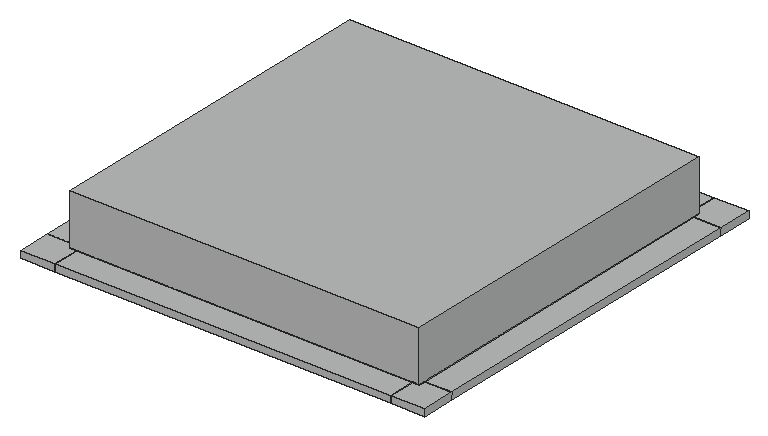
Revit family "ALUMOGIPS", category Осветительные приборы, Revit 2019 (continued)
Types (72, lengths in mm): name | Файл фотометрической сетки | built-in parameter 1150105 | Lumens | built-in parameter 1150106 | built-in parameter 1150142 | Wattage | Emit from Rectangle Width | Emit from Rectangle Length | Длина | Материал светильника | Ширина | ADSK_Ток | ADSK_Полная мощность | ADSK_Обозначение | ADSK_Номинальная мощность | ADSK_Наименование | ADSK_Масса | ADSK_Код изделия
  Alumogips-38/opal-sand 595х595 (IP40, 4000К, серый) c БАП на 1 час | "Светильник ALUMOGIPS-38 OPAL-SAND-(595x595).IES" | 302.39 (stored number, unit not read) | 3800 lm | 3.0239 (stored number, unit not read) | "IESNA:LM-63-95\r\n[TEST] Протокол № 50-12 \r\n[DATA] 20.06.2016\r\n[MORE] \r\n[MANUFAC] ЗАО \"Центрстройсвет\"\r\n[LUMCAT]  Светильник ALUMOGIPS-38/OPAL-SAND-(595x595)\r\n[LUMINAIRE]\r\n[LAMPCAT] Светодиоды\r\n[LAMP] Поток источника света (светодиодов) не известен\r\n[MORE] КСС приведена в абсолютных величинах кд\r\n[MORE] Вместо потока лампы, указан поток светильника.\r\nTILT=NONE\r\n1    3750 1.0 37 73 1 2 0.595 0.595 0.04\r\n1.0 1.0 38.7\r\n0.0 5.0 10.0 15.0 20.0 25.0 30.0 35.0 40.0 45.0 50.0 55.0 60.0 65.0 70.0 75.0 80.0 85.0 90.0 95.0 100.0 105.0 110.0 115.0 120.0 125.0 130.0 135.0 140.0 145.0 150.0 155.0 160.0 165.0 170.0 175.0 180.0\r\n0.0 5.0 10.0 15.0 20.0 25.0 30.0 35.0 40.0 45.0 50.0 55.0 60.0 65.0 70.0 75.0 80.0 85.0 90.0 95.0 100.0 105.0 110.0 115.0 120.0 125.0 130.0 135.0 140.0 145.0 150.0 155.0 160.0 165.0 170.0 175.0 180.0 185.0 190.0 195.0 200.0 205.0 210.0 215.0 220.0 225.0 230.0 235.0 240.0 245.0 250.0 255.0 260.0 265.0 270.0 275.0 280.0 285.0 290.0 295.0 300.0 305.0 310.0 315.0 320.0 325.0 330.0 335.0 340.0 345.0 350.0 355.0 360.0\r\n1391.4 1390.6 1365.7 1330.6 1277.5 1214.9 1147.5 1059.6 967.6 873.2 772.4 664.9 556.3 449.1 342.7 240.6 147.1 64.2 4.7 0.0 0.0 0.0 0.0 0.0 0.0 0.0 0.0 0.0 0.0 0.0 0.0 0.0 0.0 0.0 0.0 0.0 0.0\r\n1391.4 1390.5 1367.8 1332.7 1284.3 1221.3 1147.0 1062.1 969.2 872.4 773.2 666.3 557.1 450.1 343.8 241.9 146.9 64.7 5.2 0.0 0.0 0.0 0.0 0.0 0.0 0.0 0.0 0.0 0.0 0.0 0.0 0.0 0.0 0.0 0.0 0.0 0.0\r\n1391.4 1390.2 1372.0 1333.3 1277.3 1216.8 1144.5 1057.4 969.6 875.1 773.8 669.5 560.0 454.6 345.8 242.4 148.5 65.8 5.4 0.0 0.0 0.0 0.0 0.0 0.0 0.0 0.0 0.0 0.0 0.0 0.0 0.0 0.0 0.0 0.0 0.0 0.0\r\n1391.4 1389.8 1371.2 1330.7 1279.5 1220.5 1148.3 1059.9 967.7 873.2 767.5 666.8 561.4 453.0 347.1 243.7 149.9 65.6 5.8 0.0 0.0 0.0 0.0 0.0 0.0 0.0 0.0 0.0 0.0 0.0 0.0 0.0 0.0 0.0 0.0 0.0 0.0\r\n1391.4 1389.8 1368.3 1329.3 1285.0 1214.6 1141.1 1058.7 971.8 871.3 775.2 666.9 559.4 452.6 345.8 242.5 150.0 65.8 6.1 0.0 0.0 0.0 0.0 0.0 0.0 0.0 0.0 0.0 0.0 0.0 0.0 0.0 0.0 0.0 0.0 0.0 0.0\r\n1391.4 1390.5 1367.3 1332.3 1281.7 1219.0 1142.8 1064.6 970.5 874.4 772.1 667.5 560.2 453.0 346.2 241.8 149.4 65.7 5.6 0.0 0.0 0.0 0.0 0.0 0.0 0.0 0.0 0.0 0.0 0.0 0.0 0.0 0.0 0.0 0.0 0.0 0.0\r\n1391.4 1391.4 1368.1 1333.5 1277.3 1215.7 1139.0 1059.6 968.1 872.4 771.6 667.4 558.8 453.3 344.3 243.9 148.4 65.7 5.4 0.0 0.0 0.0 0.0 0.0 0.0 0.0 0.0 0.0 0.0 0.0 0.0 0.0 0.0 0.0 0.0 0.0 0.0\r\n1391.4 1391.7 1368.1 1330.4 1278.2 1213.9 1142.4 1061.6 967.4 875.1 772.0 669.3 561.1 452.5 345.2 242.1 148.3 65.4 5.5 0.0 0.0 0.0 0.0 0.0 0.0 0.0 0.0 0.0 0.0 0.0 0.0 0.0 0.0 0.0 0.0 0.0 0.0\r\n1391.4 1391.5 1371.0 1328.4 1278.5 1216.7 1142.1 1061.2 971.8 874.7 772.1 668.9 560.8 452.9 345.4 243.3 147.7 66.0 5.4 0.0 0.0 0.0 0.0 0.0 0.0 0.0 0.0 0.0 0.0 0.0 0.0 0.0 0.0 0.0 0.0 0.0 0.0\r\n1391.4 1391.5 1373.2 1330.5 1277.3 1215.5 1143.2 1063.6 967.0 872.7 772.2 669.4 558.9 453.2 346.6 241.9 148.1 65.2 5.5 0.0 0.0 0.0 0.0 0.0 0.0 0.0 0.0 0.0 0.0 0.0 0.0 0.0 0.0 0.0 0.0 0.0 0.0\r\n1391.4 1391.4 1369.7 1328.3 1281.3 1216.0 1139.8 1057.9 968.7 875.3 773.9 667.6 561.8 454.0 344.0 243.1 147.2 65.6 5.5 0.0 0.0 0.0 0.0 0.0 0.0 0.0 0.0 0.0 0.0 0.0 0.0 0.0 0.0 0.0 0.0 0.0 0.0\r\n1391.4 1390.5 1367.9 1330.1 1278.1 1218.1 1138.9 1061.0 970.0 871.8 770.4 669.3 560.2 453.4 346.9 242.1 148.3 65.2 5.2 0.0 0.0 0.0 0.0 0.0 0.0 0.0 0.0 0.0 0.0 0.0 0.0 0.0 0.0 0.0 0.0 0.0 0.0\r\n1391.4 1389.3 1368.2 1329.1 1280.8 1214.4 1142.5 1059.2 967.2 874.3 772.4 668.0 563.1 452.3 345.7 242.8 146.8 64.9 5.1 0.0 0.0 0.0 0.0 0.0 0.0 0.0 0.0 0.0 0.0 0.0 0.0 0.0 0.0 0.0 0.0 0.0 0.0\r\n1391.4 1388.6 1367.4 1327.8 1278.0 1215.7 1141.0 1061.0 971.5 877.3 771.2 667.3 561.5 453.0 346.4 242.4 146.3 64.8 5.2 0.0 0.0 0.0 0.0 0.0 0.0 0.0 0.0 0.0 0.0 0.0 0.0 0.0 0.0 0.0 0.0 0.0 0.0\r\n1391.4 1388.0 1367.6 1326.7 1278.3 1218.0 1140.9 1061.5 968.4 873.4 770.1 666.6 562.1 454.6 344.8 241.8 146.4 64.0 5.5 0.0 0.0 0.0 0.0 0.0 0.0 0.0 0.0 0.0 0.0 0.0 0.0 0.0 0.0 0.0 0.0 0.0 0.0\r\n1391.4 1387.2 1366.1 1331.0 1281.4 1216.3 1142.7 1059.1 969.4 871.5 772.2 667.3 560.5 453.0 344.4 242.2 146.4 63.8 5.6 0.0 0.0 0.0 0.0 0.0 0.0 0.0 0.0 0.0 0.0 0.0 0.0 0.0 0.0 0.0 0.0 0.0 0.0\r\n1391.4 1387.1 1366.3 1328.7 1276.9 1214.5 1141.2 1059.3 968.4 874.3 775.5 668.3 562.5 454.9 346.4 241.3 146.2 63.5 5.7 0.0 0.0 0.0 0.0 0.0 0.0 0.0 0.0 0.0 0.0 0.0 0.0 0.0 0.0 0.0 0.0 0.0 0.0\r\n1391.4 1388.4 1366.0 1329.7 1279.2 1217.9 1140.0 1060.5 969.0 873.9 772.0 671.3 560.4 453.2 343.7 241.7 145.8 63.7 5.4 0.0 0.0 0.0 0.0 0.0 0.0 0.0 0.0 0.0 0.0 0.0 0.0 0.0 0.0 0.0 0.0 0.0 0.0\r\n1391.4 1389.6 1367.7 1329.3 1277.2 1211.1 1140.1 1061.0 971.0 871.2 769.2 669.1 561.5 453.1 343.3 241.9 145.8 63.4 5.2 0.0 0.0 0.0 0.0 0.0 0.0 0.0 0.0 0.0 0.0 0.0 0.0 0.0 0.0 0.0 0.0 0.0 0.0\r\n1391.4 1388.8 1366.9 1327.1 1279.4 1214.2 1142.5 1056.4 970.7 870.3 771.0 665.1 560.4 453.3 343.8 241.1 145.7 63.4 5.2 0.0 0.0 0.0 0.0 0.0 0.0 0.0 0.0 0.0 0.0 0.0 0.0 0.0 0.0 0.0 0.0 0.0 0.0\r\n1391.4 1387.2 1365.8 1328.9 1276.6 1210.2 1141.4 1059.3 966.6 871.4 770.5 667.4 559.2 451.4 344.2 241.0 145.6 63.2 5.1 0.0 0.0 0.0 0.0 0.0 0.0 0.0 0.0 0.0 0.0 0.0 0.0 0.0 0.0 0.0 0.0 0.0 0.0\r\n1391.4 1386.8 1364.4 1329.8 1279.4 1213.7 1144.0 1059.0 965.3 873.7 768.8 668.9 559.4 449.5 342.6 241.5 144.6 63.4 5.0 0.0 0.0 0.0 0.0 0.0 0.0 0.0 0.0 0.0 0.0 0.0 0.0 0.0 0.0 0.0 0.0 0.0 0.0\r\n1391.4 1388.1 1365.8 1328.1 1273.8 1213.4 1137.9 1059.2 967.3 869.2 769.3 667.7 558.4 451.4 344.0 240.6 145.7 63.4 4.9 0.0 0.0 0.0 0.0 0.0 0.0 0.0 0.0 0.0 0.0 0.0 0.0 0.0 0.0 0.0 0.0 0.0 0.0\r\n1391.4 1389.2 1364.4 1323.2 1276.3 1213.8 1137.6 1055.3 963.1 871.0 767.7 664.1 559.7 447.1 342.4 240.1 145.2 63.9 5.1 0.0 0.0 0.0 0.0 0.0 0.0 0.0 0.0 0.0 0.0 0.0 0.0 0.0 0.0 0.0 0.0 0.0 0.0\r\n1391.4 1388.4 1362.3 1326.8 1274.4 1212.2 1137.9 1054.7 966.7 867.9 768.7 663.4 557.3 449.2 343.3 240.0 145.7 63.6 5.0 0.0 0.0 0.0 0.0 0.0 0.0 0.0 0.0 0.0 0.0 0.0 0.0 0.0 0.0 0.0 0.0 0.0 0.0\r\n1391.4 1386.2 1361.8 1326.5 1273.3 1211.2 1134.5 1048.6 964.3 866.3 767.8 662.9 556.7 449.5 341.9 239.8 145.7 63.7 5.0 0.0 0.0 0.0 0.0 0.0 0.0 0.0 0.0 0.0 0.0 0.0 0.0 0.0 0.0 0.0 0.0 0.0 0.0\r\n1391.4 1384.4 1363.5 1324.4 1272.0 1209.5 1137.2 1053.0 960.2 867.5 767.9 662.7 556.7 449.2 342.5 239.1 146.2 63.8 4.8 0.0 0.0 0.0 0.0 0.0 0.0 0.0 0.0 0.0 0.0 0.0 0.0 0.0 0.0 0.0 0.0 0.0 0.0\r\n1391.4 1383.7 1362.4 1324.4 1274.0 1209.5 1134.4 1050.1 965.4 864.9 764.6 662.3 556.6 447.9 340.5 240.3 145.5 64.6 4.6 0.0 0.0 0.0 0.0 0.0 0.0 0.0 0.0 0.0 0.0 0.0 0.0 0.0 0.0 0.0 0.0 0.0 0.0\r\n1391.4 1384.4 1361.9 1326.9 1270.2 1207.3 1132.7 1050.1 959.7 867.7 763.1 662.2 555.0 447.3 343.0 238.3 145.8 63.9 4.7 0.0 0.0 0.0 0.0 0.0 0.0 0.0 0.0 0.0 0.0 0.0 0.0 0.0 0.0 0.0 0.0 0.0 0.0\r\n1391.4 1385.1 1363.0 1320.0 1270.4 1207.9 1134.4 1055.0 963.5 867.3 766.7 660.7 555.9 450.1 342.6 240.2 145.9 64.3 4.9 0.0 0.0 0.0 0.0 0.0 0.0 0.0 0.0 0.0 0.0 0.0 0.0 0.0 0.0 0.0 0.0 0.0 0.0\r\n1391.4 1384.9 1362.3 1321.4 1273.1 1208.0 1135.4 1052.3 961.9 865.0 764.0 660.8 553.5 447.6 341.2 240.3 146.1 63.8 4.8 0.0 0.0 0.0 0.0 0.0 0.0 0.0 0.0 0.0 0.0 0.0 0.0 0.0 0.0 0.0 0.0 0.0 0.0\r\n1391.4 1383.8 1361.2 1322.1 1265.1 1211.5 1132.8 1049.3 961.3 863.4 764.0 661.0 550.7 447.9 341.0 240.1 146.2 63.8 4.6 0.0 0.0 0.0 0.0 0.0 0.0 0.0 0.0 0.0 0.0 0.0 0.0 0.0 0.0 0.0 0.0 0.0 0.0\r\n1391.4 1382.8 1359.3 1321.5 1269.3 1206.8 1132.8 1051.1 958.3 863.2 763.1 662.7 553.4 448.0 340.4 240.0 145.8 63.8 4.0 0.0 0.0 0.0 0.0 0.0 0.0 0.0 0.0 0.0 0.0 0.0 0.0 0.0 0.0 0.0 0.0 0.0 0.0\r\n1391.4 1382.6 1359.0 1319.6 1268.1 1204.3 1129.8 1049.0 957.7 861.8 761.7 658.4 554.2 446.1 340.4 239.0 145.6 63.8 3.8 0.0 0.0 0.0 0.0 0.0 0.0 0.0 0.0 0.0 0.0 0.0 0.0 0.0 0.0 0.0 0.0 0.0 0.0\r\n1391.4 1382.8 1358.5 1315.8 1266.5 1202.1 1128.5 1049.2 957.6 860.0 762.1 658.2 549.9 443.8 339.6 238.4 145.7 63.6 3.7 0.0 0.0 0.0 0.0 0.0 0.0 0.0 0.0 0.0 0.0 0.0 0.0 0.0 0.0 0.0 0.0 0.0 0.0\r\n1391.4 1382.2 1360.5 1319.2 1265.9 1204.5 1129.9 1046.9 955.0 862.9 758.9 657.9 552.5 444.9 338.9 238.8 145.3 63.6 3.3 0.0 0.0 0.0 0.0 0.0 0.0 0.0 0.0 0.0 0.0 0.0 0.0 0.0 0.0 0.0 0.0 0.0 0.0\r\n1391.4 1381.1 1361.2 1321.0 1268.1 1203.8 1128.8 1047.4 955.6 863.7 761.1 656.4 551.5 445.2 339.2 238.5 144.7 62.5 3.5 0.0 0.0 0.0 0.0 0.0 0.0 0.0 0.0 0.0 0.0 0.0 0.0 0.0 0.0 0.0 0.0 0.0 0.0\r\n1391.4 1380.6 1359.0 1316.4 1268.5 1204.0 1126.1 1049.5 956.2 859.6 759.7 656.5 549.2 444.3 338.4 236.1 143.8 61.6 3.2 0.0 0.0 0.0 0.0 0.0 0.0 0.0 0.0 0.0 0.0 0.0 0.0 0.0 0.0 0.0 0.0 0.0 0.0\r\n1391.4 1380.7 1356.6 1316.0 1267.0 1205.6 1130.3 1044.8 956.9 856.7 759.3 653.5 548.1 441.9 335.3 235.4 141.4 60.3 2.9 0.0 0.0 0.0 0.0 0.0 0.0 0.0 0.0 0.0 0.0 0.0 0.0 0.0 0.0 0.0 0.0 0.0 0.0\r\n1391.4 1380.4 1354.4 1317.9 1268.8 1199.0 1129.0 1044.0 956.9 860.6 758.3 656.9 549.1 442.0 334.4 236.1 141.7 60.5 2.6 0.0 0.0 0.0 0.0 0.0 0.0 0.0 0.0 0.0 0.0 0.0 0.0 0.0 0.0 0.0 0.0 0.0 0.0\r\n1391.4 1380.1 1356.7 1322.1 1264.6 1201.7 1129.9 1047.4 957.2 859.7 758.2 656.1 549.4 442.8 335.3 235.8 141.3 60.6 2.3 0.0 0.0 0.0 0.0 0.0 0.0 0.0 0.0 0.0 0.0 0.0 0.0 0.0 0.0 0.0 0.0 0.0 0.0\r\n1391.4 1379.9 1357.3 1317.5 1265.9 1207.8 1129.2 1046.5 955.7 860.2 758.6 656.9 550.7 441.9 335.4 233.9 140.6 60.2 2.4 0.0 0.0 0.0 0.0 0.0 0.0 0.0 0.0 0.0 0.0 0.0 0.0 0.0 0.0 0.0 0.0 0.0 0.0\r\n1391.4 1379.2 1355.5 1314.6 1269.3 1203.7 1133.5 1044.8 957.2 857.9 762.0 656.6 548.7 440.4 335.9 234.5 140.4 59.8 2.8 0.0 0.0 0.0 0.0 0.0 0.0 0.0 0.0 0.0 0.0 0.0 0.0 0.0 0.0 0.0 0.0 0.0 0.0\r\n1391.4 1377.9 1357.1 1319.2 1271.9 1204.4 1128.6 1050.2 953.1 856.9 757.6 653.7 548.9 439.9 335.4 232.4 140.5 59.2 3.0 0.0 0.0 0.0 0.0 0.0 0.0 0.0 0.0 0.0 0.0 0.0 0.0 0.0 0.0 0.0 0.0 0.0 0.0\r\n1391.4 1377.2 1356.3 1322.9 1266.0 1204.8 1132.2 1049.0 958.1 859.3 759.0 654.6 547.0 441.6 334.9 232.1 139.3 58.8 2.9 0.0 0.0 0.0 0.0 0.0 0.0 0.0 0.0 0.0 0.0 0.0 0.0 0.0 0.0 0.0 0.0 0.0 0.0\r\n1391.4 1377.8 1353.8 1319.7 1269.6 1207.9 1135.8 1049.5 955.8 858.0 762.4 655.9 548.2 441.6 335.6 231.7 139.4 58.8 2.8 0.0 0.0 0.0 0.0 0.0 0.0 0.0 0.0 0.0 0.0 0.0 0.0 0.0 0.0 0.0 0.0 0.0 0.0\r\n1391.4 1378.5 1355.2 1319.8 1267.3 1206.5 1131.2 1046.1 954.6 861.2 756.6 653.8 548.1 440.3 335.0 232.6 138.6 59.0 2.9 0.0 0.0 0.0 0.0 0.0 0.0 0.0 0.0 0.0 0.0 0.0 0.0 0.0 0.0 0.0 0.0 0.0 0.0\r\n1391.4 1378.6 1355.1 1318.3 1269.7 1200.8 1133.1 1049.0 957.6 862.5 762.4 656.9 549.3 443.5 334.7 231.2 138.8 58.1 3.0 0.0 0.0 0.0 0.0 0.0 0.0 0.0 0.0 0.0 0.0 0.0 0.0 0.0 0.0 0.0 0.0 0.0 0.0\r\n1391.4 1378.8 1355.8 1321.7 1268.8 1210.0 1129.0 1048.5 958.8 862.4 762.2 656.4 549.0 441.1 335.4 231.5 138.5 58.1 3.0 0.0 0.0 0.0 0.0 0.0 0.0 0.0 0.0 0.0 0.0 0.0 0.0 0.0 0.0 0.0 0.0 0.0 0.0\r\n1391.4 1379.6 1357.6 1321.7 1269.0 1207.1 1133.9 1047.0 964.1 863.3 761.9 656.4 551.5 440.7 334.9 232.2 137.6 58.1 2.8 0.0 0.0 0.0 0.0 0.0 0.0 0.0 0.0 0.0 0.0 0.0 0.0 0.0 0.0 0.0 0.0 0.0 0.0\r\n1391.4 1380.6 1357.7 1319.2 1272.0 1207.5 1131.3 1054.6 959.0 863.3 764.8 655.9 549.1 443.0 335.1 231.3 138.0 58.1 2.7 0.0 0.0 0.0 0.0 0.0 0.0 0.0 0.0 0.0 0.0 0.0 0.0 0.0 0.0 0.0 0.0 0.0 0.0\r\n1391.4 1381.5 1358.5 1321.9 1271.0 1204.1 1135.9 1055.8 962.5 865.5 761.1 656.9 550.6 442.0 335.3 231.9 137.4 57.9 2.6 0.0 0.0 0.0 0.0 0.0 0.0 0.0 0.0 0.0 0.0 0.0 0.0 0.0 0.0 0.0 0.0 0.0 0.0\r\n1391.4 1381.3 1358.5 1322.3 1270.8 1207.2 1133.7 1051.9 958.0 867.3 767.5 657.0 552.1 442.3 333.6 231.2 137.9 57.8 2.6 0.0 0.0 0.0 0.0 0.0 0.0 0.0 0.0 0.0 0.0 0.0 0.0 0.0 0.0 0.0 0.0 0.0 0.0\r\n1391.4 1380.6 1359.4 1319.7 1270.6 1209.0 1133.0 1052.1 963.9 867.5 764.1 660.0 554.0 443.3 334.8 231.7 137.6 57.8 2.7 0.0 0.0 0.0 0.0 0.0 0.0 0.0 0.0 0.0 0.0 0.0 0.0 0.0 0.0 0.0 0.0 0.0 0.0\r\n1391.4 1381.3 1359.9 1321.3 1270.6 1204.8 1135.0 1051.3 962.1 865.5 761.7 660.3 553.1 443.5 334.1 231.9 137.9 57.8 2.8 0.0 0.0 0.0 0.0 0.0 0.0 0.0 0.0 0.0 0.0 0.0 0.0 0.0 0.0 0.0 0.0 0.0 0.0\r\n1391.4 1383.1 1362.1 1324.8 1273.8 1208.7 1134.8 1055.9 961.8 866.4 762.3 659.7 552.4 443.7 334.4 232.8 138.0 58.0 2.8 0.0 0.0 0.0 0.0 0.0 0.0 0.0 0.0 0.0 0.0 0.0 0.0 0.0 0.0 0.0 0.0 0.0 0.0\r\n1391.4 1384.6 1360.4 1321.7 1272.0 1210.6 1130.9 1052.5 963.1 866.7 767.4 659.3 553.7 444.6 335.4 233.1 138.3 58.0 2.8 0.0 0.0 0.0 0.0 0.0 0.0 0.0 0.0 0.0 0.0 0.0 0.0 0.0 0.0 0.0 0.0 0.0 0.0\r\n1391.4 1385.6 1357.5 1324.7 1273.9 1211.6 1134.3 1052.7 963.6 865.4 763.1 658.7 552.2 444.9 336.9 232.8 138.8 58.6 2.9 0.0 0.0 0.0 0.0 0.0 0.0 0.0 0.0 0.0 0.0 0.0 0.0 0.0 0.0 0.0 0.0 0.0 0.0\r\n1391.4 1386.4 1357.8 1323.4 1273.2 1212.2 1136.3 1054.7 967.5 867.5 764.0 659.4 553.3 443.7 336.8 233.2 138.9 58.5 3.1 0.0 0.0 0.0 0.0 0.0 0.0 0.0 0.0 0.0 0.0 0.0 0.0 0.0 0.0 0.0 0.0 0.0 0.0\r\n1391.4 1386.6 1362.0 1324.9 1273.2 1211.3 1139.0 1049.9 960.3 866.4 768.0 661.3 552.2 443.4 336.3 233.4 139.8 58.9 3.1 0.0 0.0 0.0 0.0 0.0 0.0 0.0 0.0 0.0 0.0 0.0 0.0 0.0 0.0 0.0 0.0 0.0 0.0\r\n1391.4 1386.0 1360.5 1326.0 1271.8 1212.0 1137.2 1059.3 963.5 867.6 766.9 661.2 552.3 445.8 337.8 233.6 141.0 59.2 3.3 0.0 0.0 0.0 0.0 0.0 0.0 0.0 0.0 0.0 0.0 0.0 0.0 0.0 0.0 0.0 0.0 0.0 0.0\r\n1391.4 1385.0 1362.3 1325.1 1272.0 1207.1 1138.5 1053.6 964.5 865.8 766.5 661.6 554.3 445.9 337.0 234.5 140.4 60.2 3.5 0.0 0.0 0.0 0.0 0.0 0.0 0.0 0.0 0.0 0.0 0.0 0.0 0.0 0.0 0.0 0.0 0.0 0.0\r\n1391.4 1384.4 1361.8 1323.6 1274.0 1214.8 1138.9 1053.9 968.0 867.9 769.0 663.8 555.6 446.7 339.6 235.0 141.3 60.4 3.4 0.0 0.0 0.0 0.0 0.0 0.0 0.0 0.0 0.0 0.0 0.0 0.0 0.0 0.0 0.0 0.0 0.0 0.0\r\n1391.4 1385.0 1360.9 1322.2 1272.4 1209.8 1137.2 1055.7 962.7 869.7 769.6 658.2 556.6 447.4 338.5 236.2 142.5 60.7 3.4 0.0 0.0 0.0 0.0 0.0 0.0 0.0 0.0 0.0 0.0 0.0 0.0 0.0 0.0 0.0 0.0 0.0 0.0\r\n1391.4 1386.6 1363.1 1323.6 1272.5 1211.5 1139.2 1058.4 969.9 868.0 768.8 664.6 556.3 445.8 342.1 236.1 142.3 61.2 3.5 0.0 0.0 0.0 0.0 0.0 0.0 0.0 0.0 0.0 0.0 0.0 0.0 0.0 0.0 0.0 0.0 0.0 0.0\r\n1391.4 1388.6 1360.9 1330.2 1273.7 1213.2 1138.7 1058.3 966.2 867.0 766.8 663.4 553.3 447.1 339.2 238.7 143.0 61.4 3.8 0.0 0.0 0.0 0.0 0.0 0.0 0.0 0.0 0.0 0.0 0.0 0.0 0.0 0.0 0.0 0.0 0.0 0.0\r\n1391.4 1389.8 1360.8 1328.4 1276.8 1216.0 1140.1 1055.8 963.1 870.3 768.4 663.1 554.0 449.1 340.1 237.3 144.8 61.7 3.8 0.0 0.0 0.0 0.0 0.0 0.0 0.0 0.0 0.0 0.0 0.0 0.0 0.0 0.0 0.0 0.0 0.0 0.0\r\n1391.4 1389.3 1362.5 1325.9 1278.0 1210.4 1138.2 1054.7 967.8 872.7 770.2 661.9 556.5 446.9 341.3 237.7 144.4 62.5 3.9 0.0 0.0 0.0 0.0 0.0 0.0 0.0 0.0 0.0 0.0 0.0 0.0 0.0 0.0 0.0 0.0 0.0 0.0\r\n1391.4 1387.8 1365.8 1326.6 1274.3 1213.2 1141.4 1053.1 966.2 871.2 768.4 663.7 555.0 447.1 341.3 238.2 144.3 62.7 4.1 0.0 0.0 0.0 0.0 0.0 0.0 0.0 0.0 0.0 0.0 0.0 0.0 0.0 0.0 0.0 0.0 0.0 0.0\r\n1391.4 1387.2 1364.2 1328.3 1274.8 1209.4 1145.0 1060.0 963.9 867.5 766.5 663.4 556.7 448.2 340.9 240.3 144.7 63.3 4.0 0.0 0.0 0.0 0.0 0.0 0.0 0.0 0.0 0.0 0.0 0.0 0.0 0.0 0.0 0.0 0.0 0.0 0.0\r\n1391.4 1388.4 1364.9 1332.6 1279.0 1215.6 1140.9 1056.3 969.3 867.1 770.0 663.8 559.0 449.0 342.4 240.3 145.7 63.3 4.7 0.0 0.0 0.0 0.0 0.0 0.0 0.0 0.0 0.0 0.0 0.0 0.0 0.0 0.0 0.0 0.0 0.0 0.0\r\n1391.4 1390.0 1364.5 1329.3 1281.4 1217.7 1141.3 1063.3 970.3 871.1 768.8 663.5 555.2 449.3 342.4 239.8 146.6 63.3 4.9 0.0 0.0 0.0 0.0 0.0 0.0 0.0 0.0 0.0 0.0 0.0 0.0 0.0 0.0 0.0 0.0 0.0 0.0\r\n1391.4 1390.6 1365.7 1330.6 1277.5 1214.9 1147.5 1059.6 967.6 873.2 772.4 664.9 556.3 449.1 342.7 240.6 147.1 64.2 4.7 0.0 0.0 0.0 0.0 0.0 0.0 0.0 0.0 0.0 0.0 0.0 0.0 0.0 0.0 0.0 0.0 0.0 0.0\r\n" | 25.582 W | 575 | 575 | 595 | RAL 9006 | 595 | 0.179584 A | 41.3043 VA | "Alumogips-38/opal-sand 595х595 (IP40, 4000К, серый)" | 38 W | "Встраиваемый светодиодный светильник Alumogips-38/opal-sand 595х595 (IP40, 4000К, серый) c БАП на 1 час" | 2.4 | "ЦБ0000
    07062"
